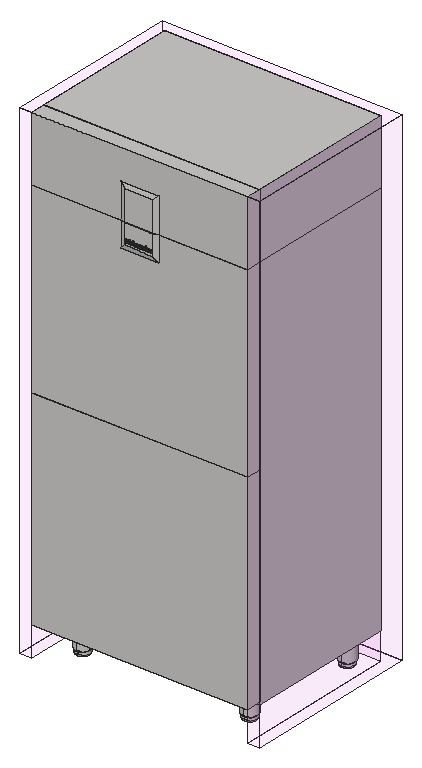
Revit family "QF_ELECTROLUXPROFESSIONAL_691358_PS09F2FHC", category Specialty Equipment, Revit 2018
Family settings
  Round Connector Dimension = Use Diameter
  Part Type = Normal
  Work Plane-Based = No
  Always vertical = Yes
  Cut with Voids When Loaded = No
  Shared = No
  Room Calculation Point = No
Parameters (values of type "Standard")
  Weight = 22.6321 lbm
  Watts = 0 W
  Volts = 220 V
  URL Manufacturer = "http://professional.electrolux.com"
  URL = "http://professional.electrolux.com"
  Steam Supply Size = 0"
  Steam Supply Minimum Pressure = 0.00 psi
  Steam Supply Maximum Pressure = 0.00 psi
  Steam Pounds per Hour = 0
  Show Clearance [instance] = yes
  Refrigeration Suction Line Size = 0"
  Refrigeration Liquid Line Size = 0"
  Refrigerant Compressor Remote = yes
  Phase = 1
  Model = "PS09F2FHC"
  Manufacturer = "Electrolux Professional"
  Length Actual = 900 mm  # constant formula
  Item Number = "691358"
  Hot Water Size = 0"
  Height Actual = 2040 mm  # constant formula
  HP = "0.6 HP"
  Gas Size = 0"
  Gas KW = 0
  Gas Input Pressure = 0.0 Btu/h
  Direct Waste Size = 0"
  Description = "2½-DR FREEZ.720LT,-15/-22°,PROSTORE-R290"
  Depth Actual = 700 mm  # constant formula
  Cycle = 50 Hz
  Condensate Return Size = 0"
  Compressed Air Volume = 0 GPM
  Compressed Air Size = 0"
  Compressed Air Pressure = 0.00 psi
  Cold Water Size = 0"
  Accessory = yes
Types (2, lengths in mm): name | URL | Phase | Model | Manufacturer | Description
  (no name) | "http://professional.electrolux.com/" | 0 | "RBC201" | "Electrolux" | "BLAST CHILLER 56 KG 20 GN1/1"
  Standard | "http://professional.electrolux.com" | 1 | "PS09F2FHC" | "Electrolux Professional" | "2½-DR FREEZ.720LT,-15/-22°,PROSTORE-R290"
Values of the unnamed type that differ from the named types
  Volts = 380 V
  URL Manufacturer = "http://professional.electrolux.com/"
  Item Number = "726624"
Reference planes
  plane 1 "BACK": y = 0
  plane 2: z = 0
  plane 3 "LEFT": x = 0
  plane 4 "RIGHT": x = 900
  plane 5 "FRONT": y = -700
  plane 6 "TOP": z = 2040
  plane 7 "Center Y": x = 450
  plane 8 "Center X": y = -350
  plane 9: x = 102
  plane 10: x = 798
  plane 11: z = 115
  plane 12: z = 86
  plane 13: y = -80
  plane 14: y = -694
  plane 15: y = -1527
  plane 16: y = -630
  plane 17: z = 1770
  plane 18: x = -50
  plane 19: y = 50
  plane 20: x = 950
Forms (mm)
  Extrusion 1, solid, material "QF_Metal - Stainless - Polished"
    sketch origin (0, 0, 0) x (1, 0, 0) y (0, 0, 1)
      loop
        line (0, 2040) -> (0, 1770) -> (900, 1770) -> (900, 2040) -> (0, 2040)
    from 0 to 630
  Extrusion 2, solid, material "QF_Metal - Stainless - Polished"
    sketch origin (0, 0, 0) x (1, 0, 0) y (0, 0, 1)
      loop
        line (0, 1770) -> (0, 115) -> (900, 115) -> (900, 1770) -> (0, 1770)
    from 0 to 630
  Extrusion 3, solid, material "QF_Metal - Stainless - Polished"
    sketch origin (-370, 0, -128) x (1, 0, 0) y (0, 0, 1)
      loop
        circle (450, 1847.083) r 20
    from -7.507 to 0
  Extrusion 4, solid, material "QF_Door-Drawer Clearances", visible <- "Show Clearance", detail levels coarse
    sketch origin (0, 0, 0) x (1, 0, 0) y (0, 1, 0)
      loop
        line (900, -694) -> (0, -694)
        arc (0, -694) -> (275.209, -1299.35) -> (900, -1527) r 859.201
        line (900, -1527) -> (900, -694)
    from 127.536 to 995.399
  Extrusion 5, solid, material "QF_Metal - Stainless - Polished"
    sketch origin (0, 130.478, 0) x (1, 0, 0) y (0, 0, 1)
      loop
        line (0, 2040) -> (0, 1770) -> (900, 1770) -> (900, 2040) -> (0, 2040)
    from 760.478 to 824.478
  Revolve 6, solid, material "QF_Metal - Stainless - Polished"
    sketch origin (798, -2.833, 0) x (0, 1, 0) y (0, 0, -1)
      loop
        line (-590.954, -115) -> (-553.167, -115) -> (-553.167, 0) -> (-578.757, 0)
        arc (-578.757, 0) -> (-580.973, -2.655) -> (-581.767, -6.021) r 7.527
        line (-581.767, -6.021) -> (-581.767, -17.561) -> (-585.28, -21.074) -> (-585.28, -110.008) -> (-590.954, -110.008) -> (-590.954, -115)
      axis (-553.167, 0) -> (-553.167, -115)
    angle from 0 to 360
  Revolve 7, solid, material "QF_Metal - Stainless - Polished"
    sketch origin (102, -2.833, 0) x (0, 1, 0) y (0, 0, 1)
      loop
        line (-590.954, 115) -> (-590.954, 110.008) -> (-585.28, 110.008) -> (-585.28, 21.074) -> (-581.767, 17.561) -> (-581.767, 6.021)
        arc (-581.767, 6.021) -> (-580.973, 2.655) -> (-578.757, 0) r 7.527
        line (-578.757, 0) -> (-553.167, 0) -> (-553.167, 115) -> (-590.954, 115)
      axis (-553.167, 0) -> (-553.167, 115)
    angle from 0 to 360
  Revolve 8, solid, material "QF_Metal - Stainless - Polished"
    sketch origin (824, -759.167, 0) x (0, -1, 0) y (0, 0, 1)
      loop
        line (-716.954, 115) -> (-716.954, 110.008) -> (-711.28, 110.008) -> (-711.28, 21.074) -> (-707.767, 17.561) -> (-707.767, 6.021)
        arc (-707.767, 6.021) -> (-706.973, 2.655) -> (-704.757, 0) r 7.527
        line (-704.757, 0) -> (-679.167, 0) -> (-679.167, 115) -> (-716.954, 115)
      axis (-679.167, 0) -> (-679.167, 115)
    angle from 0 to 360
  Revolve 9, solid, material "QF_Metal - Stainless - Polished"
    sketch origin (76, -759.167, 0) x (0, -1, 0) y (0, 0, 1)
      loop
        line (-716.954, 115) -> (-716.954, 110.008) -> (-711.28, 110.008) -> (-711.28, 21.074) -> (-707.767, 17.561) -> (-707.767, 6.021)
        arc (-707.767, 6.021) -> (-706.973, 2.655) -> (-704.757, 0) r 7.527
        line (-704.757, 0) -> (-679.167, 0) -> (-679.167, 115) -> (-716.954, 115)
      axis (-679.167, 0) -> (-679.167, 115)
    angle from 0 to 360
  Blend 10, solid, material "QF_Metal - Stainless - Polished"
    base sketch origin (0, -694, 0) x (1, 0, 0) y (0, 0, 1)
      loop
        line (370, 1914.822) -> (370, 1664.822) -> (530, 1664.822) -> (530, 1914.822) -> (370, 1914.822)
    top sketch origin (0, -694, 0) x (1, 0, 0) y (0, 0, 1)
      loop
        line (510, 1894.822) -> (390, 1894.822) -> (390, 1684.822) -> (510, 1684.822) -> (510, 1894.822)
    from 0 to 6
  Extrusion 11, void
    sketch origin (0, -700, 0) x (-1, 0, 0) y (0, 0, 1)
      loop
        line (-370, 1770.997) -> (-530, 1770.997) -> (-530, 1769.003) -> (-370, 1769.003) -> (-370, 1770.997)
    from 0 to 6
  Extrusion 12, solid, material "QF_Door-Drawer Clearances"
    sketch origin (0, 0, 0) x (1, 0, 0) y (0, 1, 0)
      loop
        line (0, -694) -> (0, 0) -> (900, 0) -> (900, -694) -> (950, -694) -> (950, 50) -> (-50, 50) -> (-50, -694) -> (0, -694)
    from 0 to 2040
  Extrusion 13, solid, material "QF_Metal - Stainless - Polished"
    sketch origin (0, 140, 0) x (1, 0, 0) y (0, 0, 1)
      loop
        line (0, 1770) -> (0, 995.399) -> (900, 995.399) -> (900, 1770) -> (0, 1770)
    from 834 to 770
  Extrusion 14, solid, material "QF_Metal - Stainless - Polished"
    sketch origin (0, 140, 0) x (1, 0, 0) y (0, 0, 1)
      loop
        line (0, 995.399) -> (0, 127.536) -> (900, 127.536) -> (900, 995.399) -> (0, 995.399)
    from 834 to 770
  Extrusion 15, solid, material "QF_Door-Drawer Clearances", visible <- "Show Clearance", detail levels coarse
    sketch origin (0, 0, 0) x (1, 0, 0) y (0, 1, 0)
      loop
        line (900, -694) -> (0, -694)
        arc (0, -694) -> (275.209, -1299.35) -> (900, -1527) r 859.201
        line (900, -1527) -> (900, -694)
    from 995.399 to 1770
Cuts and joins
  Extrusion 11 cuts Extrusion 1
  Extrusion 11 cuts Extrusion 2
  Extrusion 11 cuts Extrusion 5
  Extrusion 11 cuts Blend 10
Lines and regions (mm)
  Split face 1
    outline origin (0, -700, 0) x (1, 0, 0) y (0, 0, 1)
      loop
        line (415, 1894.822) -> (415, 1742.499) -> (485, 1742.499) -> (485, 1894.822)
  symbolic lines
    curve 1: line (0, 0, 0) -> (900, 0, 0)
    curve 2: line (0, -694, 0) -> (0, 0, 0)
    curve 3: line (900, -694, 0) -> (0, -694, 0)
    curve 4: line (900, 0, 0) -> (900, -694, 0)
    curve 5: line (0, -630, 0) -> (900, -630, 0)
    curve 6: line (370, -694, 0) -> (390, -700, 0)
    curve 7: line (390, -700, 0) -> (510, -700, 0)
    curve 8: line (510, -700, 0) -> (530, -694, 0)
  symbolic lines, style "QF_Door-Drawer Clearances"
    curve 9: arc (0, -694, 0) -> (275.209, -1299.35, 0) -> (900, -1527, 0) r 859.201
    curve 10: line (900, -1527, 0) -> (900, -694, 0)
    curve 11: line (0, -694, 0) -> (-50, -694, 0)
    curve 12: line (-50, -694, 0) -> (-50, 50, 0)
    curve 13: line (-50, 50, 0) -> (950, 50, 0)
    curve 14: line (950, 50, 0) -> (950, -694, 0)
    curve 15: line (950, -694, 0) -> (900, -694, 0)
Dimensions and locks
  equal spacing: plane 3 "LEFT", plane 7 "Center Y", plane 4 "RIGHT"
  plane 3 "LEFT" to plane 4 "RIGHT" = 900 mm
  equal spacing: plane 5 "FRONT", plane 8 "Center X", plane 1 "BACK"
  plane 5 "FRONT" to plane 1 "BACK" = 700 mm
  plane 6 "TOP" to level = 2040 mm
  plane 9 to plane 3 "LEFT" = 102 mm
  plane 10 to plane 4 "RIGHT" = 102 mm
  plane 10 to plane 9 = 696 mm
  plane 11 to level = 115 mm
  plane 12 to plane 11 = 29 mm
  plane 1 "BACK" to plane 13 = 80 mm
  plane 15 to plane 1 "BACK" = 1527 mm
  plane 3 "LEFT" to Extrusion 4 = 900 mm
  plane 11 to plane 2 = 115 mm
  plane 1 "BACK" to plane 16 = 630 mm
  plane 18 to plane 3 "LEFT" = 50 mm
  plane 4 "RIGHT" to plane 20 = 50 mm
  plane 1 "BACK" to plane 19 = 50 mm
  aligned and locked: level to plane 2
  aligned and locked: Extrusion 5 to plane 4 "RIGHT"
  aligned and locked: Extrusion 5 to plane 3 "LEFT"
  aligned and locked: plane 5 "FRONT" to Blend 10
Automatic sketch dimensions
  Extrusion 1 sketch curve to plane 3 "LEFT" = 0 mm
  plane 4 "RIGHT" to Extrusion 1 sketch curve = 0 mm
  Extrusion 1 sketch curve to plane 17 = 0 mm
  Extrusion 1 sketch curve to plane 6 "TOP" = 0 mm
  Extrusion 2 sketch curve to plane 3 "LEFT" = 0 mm
  plane 4 "RIGHT" to Extrusion 2 sketch curve = 0 mm
  Extrusion 2 sketch curve to plane 11 = 0 mm
  Extrusion 2 sketch curve to plane 17 = 0 mm
  Extrusion 3 sketch curve to plane 9 = 22 mm
  Extrusion 3 sketch curve to plane 17 = 50.917 mm
  Extrusion 4 sketch curve to plane 3 "LEFT" = 0 mm
  Extrusion 4 sketch curve to plane 4 "RIGHT" = 0 mm
  Extrusion 4 sketch curve to plane 15 = 0 mm
  plane 14 to Extrusion 4 sketch curve = 0 mm
  Extrusion 4 sketch curve to plane 14 = 25.214 mm
  Extrusion 5 sketch curve to plane 3 "LEFT" = 0 mm
  plane 4 "RIGHT" to Extrusion 5 sketch curve = 0 mm
  Extrusion 5 sketch curve to plane 17 = 0 mm
  Extrusion 5 sketch curve to plane 6 "TOP" = 0 mm
  plane 11 to Revolve 6 sketch curve = 0 mm
  Revolve 6 sketch curve to level = 0 mm
  plane 16 to Revolve 6 sketch curve = 36.213 mm
  Revolve 6 sketch curve to Revolve 6 sketch curve = 5.674 mm
  Revolve 6 sketch curve to Revolve 6 sketch curve = 3.513 mm  (x2)
  Revolve 6 sketch curve to Revolve 6 sketch curve = 3.01 mm
  level to Revolve 6 sketch curve = 6.021 mm
  Revolve 6 sketch curve to Revolve 6 sketch curve = 21.073 mm
  Revolve 6 sketch curve to plane 11 = 4.992 mm  (x2)
  Revolve 6 sketch curve to Revolve 6 sketch curve = 15.053 mm
  Revolve 6 sketch curve to Revolve 6 sketch curve = 0 mm
  Revolve 6 sketch curve to Revolve 6 sketch curve = 20.008 mm
  Revolve 7 sketch curve to plane 11 = 0 mm
  Revolve 7 sketch curve to level = 0 mm
  plane 16 to Revolve 7 sketch curve = 36.213 mm
  Revolve 7 sketch curve to Revolve 7 sketch curve = 5.674 mm
  Revolve 7 sketch curve to Revolve 7 sketch curve = 3.513 mm  (x2)
  Revolve 7 sketch curve to Revolve 7 sketch curve = 3.01 mm
  level to Revolve 7 sketch curve = 6.021 mm
  Revolve 7 sketch curve to Revolve 7 sketch curve = 21.073 mm
  Revolve 7 sketch curve to Revolve 7 sketch curve = 11.54 mm
  Revolve 7 sketch curve to plane 11 = 4.992 mm
  Revolve 7 sketch curve to Revolve 7 sketch curve = 0 mm
  Revolve 7 sketch curve to Revolve 7 sketch curve = 4.992 mm
  plane 11 to Revolve 7 sketch curve = 20.008 mm
  Revolve 8 sketch curve to plane 11 = 0 mm
  Revolve 8 sketch curve to level = 0 mm
  Revolve 8 sketch curve to plane 13 = 0 mm  (x2)
  level to Revolve 8 sketch curve = 6.021 mm
  Revolve 8 sketch curve to plane 13 = 21.073 mm
  Revolve 8 sketch curve to Revolve 8 sketch curve = 4.517 mm
  Revolve 8 sketch curve to Revolve 8 sketch curve = 3.513 mm  (x2)
  Revolve 8 sketch curve to Revolve 8 sketch curve = 5.674 mm
  Revolve 8 sketch curve to Revolve 8 sketch curve = 11.54 mm
  Revolve 8 sketch curve to plane 11 = 4.992 mm
  Revolve 8 sketch curve to Revolve 8 sketch curve = 4.992 mm
  plane 11 to Revolve 8 sketch curve = 20.008 mm
  Revolve 9 sketch curve to plane 11 = 0 mm
  Revolve 9 sketch curve to level = 0 mm
  Revolve 9 sketch curve to plane 13 = 0 mm  (x2)
  Revolve 9 sketch curve to level = 6.021 mm
  plane 13 to Revolve 9 sketch curve = 21.073 mm
  Revolve 9 sketch curve to Revolve 9 sketch curve = 4.517 mm
  Revolve 9 sketch curve to Revolve 9 sketch curve = 3.513 mm  (x2)
  Revolve 9 sketch curve to Revolve 9 sketch curve = 5.674 mm
  Revolve 9 sketch curve to Revolve 9 sketch curve = 11.54 mm
  plane 11 to Revolve 9 sketch curve = 4.992 mm  (x2)
  Revolve 9 sketch curve to Revolve 9 sketch curve = 20.008 mm
  Blend 10 sketch curve to Blend 10 sketch curve = 160 mm
  Blend 10 sketch curve to Blend 10 sketch curve = 120 mm
  Split face 1 sketch curve to Blend 10 = 0 mm  (x2)
  Split face 1 sketch curve to Blend 10 = 25 mm  (x2)
  Split face 1 sketch curve to Blend 10 = 57.677 mm
  Extrusion 11 sketch curve to Blend 10 = 20 mm  (x2)
  Blend 10 to Extrusion 11 sketch curve = 84.181 mm
  Extrusion 11 sketch curve to Extrusion 11 sketch curve = 1.995 mm
  Extrusion 12 sketch curve to plane 18 = 0 mm
  plane 1 "BACK" to Extrusion 12 sketch curve = 0 mm
  Extrusion 12 sketch curve to plane 3 "LEFT" = 0 mm
  Extrusion 12 sketch curve to plane 4 "RIGHT" = 0 mm
  Extrusion 12 sketch curve to plane 19 = 0 mm
  Extrusion 12 sketch curve to plane 20 = 0 mm
  plane 14 to Extrusion 12 sketch curve = 0 mm  (x2)
  curve 13 to plane 18 = 0 mm
  curve 3 to plane 3 "LEFT" = 0 mm
  plane 5 "FRONT" to curve 7 = 0 mm
  curve 9 to plane 4 "RIGHT" = 0 mm
  curve 15 to plane 4 "RIGHT" = 0 mm
  plane 14 to curve 14 = 0 mm
  curve 14 to plane 20 = 0 mm
  curve 10 to plane 15 = 0 mm
  curve 5 to plane 16 = 0 mm
  plane 1 "BACK" to curve 4 = 0 mm
  curve 13 to plane 19 = 0 mm
  curve 7 to plane 7 "Center Y" = 60 mm
  plane 7 "Center Y" to curve 8 = 60 mm
  curve 9 to plane 14 = 25.214 mm
  curve 6 to curve 6 = 20 mm
  curve 7 to curve 8 = 20 mm
  Blend 10 sketch curve to plane 7 "Center Y" = 80 mm
  Blend 10 sketch curve to plane 17 = 105.178 mm
  Blend 10 sketch curve to plane 6 "TOP" = 125.178 mm
  Blend 10 sketch curve to plane 7 "Center Y" = 60 mm
  Blend 10 sketch curve to plane 17 = 85.178 mm
  plane 17 to Blend 10 sketch curve = 124.822 mm
  Extrusion 13 sketch curve to plane 3 "LEFT" = 0 mm
  Extrusion 13 sketch curve to plane 17 = 0 mm
  plane 7 "Center Y" to Extrusion 13 sketch curve = 450 mm
  Extrusion 13 sketch curve to Extrusion 13 sketch curve = 774.601 mm
  Extrusion 14 sketch curve to plane 3 "LEFT" = 0 mm
  plane 11 to Extrusion 14 sketch curve = 12.536 mm
  plane 7 "Center Y" to Extrusion 14 sketch curve = 450 mm
  Extrusion 14 sketch curve to plane 17 = 774.601 mm
  Extrusion 15 sketch curve to plane 3 "LEFT" = 0 mm
  Extrusion 15 sketch curve to plane 4 "RIGHT" = 0 mm
  Extrusion 15 sketch curve to plane 15 = 0 mm
  plane 14 to Extrusion 15 sketch curve = 0 mm
  Extrusion 15 sketch curve to plane 14 = 25.214 mm
  radius of Extrusion 3 sketch curve = 20 mm
Nested families
  nested 1: "ELX_Logo_S" at (450.625, -700, 1704.375) x (1, 0, 0) z (0, -1, 0), type "ELX_Logo_S"
Connectors
  electrical at (80, 7.507, 1719.083), driven by "Volts"
    settings: on Extrusion 3, index 2, voltage 220 V, apparent load 0 VA, apparent load phase1 0 VA, apparent load phase2 0 VA, apparent load phase3 0 VA, power factor 1, load classification "Other", number of poles 1, system type 30, power factor state 1, is connector primary yes, connector utility no, sub classification motor no, connector description "Electrical Connection"
Definition of nested family "ELX_Logo_S"
  Parameters (values of type "ELX_Logo_S")
    Default Elevation = 0 mm
  Reference planes
    plane 1 "Centro (Fronte/Retro)": y = 0
    plane 2: z = 0
    plane 3 "Centro (Sinistra/Destra)": x = 0
  Forms (mm)
    Extrusion 1, solid
      sketch origin (0, 0, 0) x (1, 0, 0) y (0, 1, 0)
        loop
          line (-1219.2, 1219.2) -> (-1219.2, -1219.2) -> (1219.2, -1219.2) -> (1219.2, 1219.2) -> (-1219.2, 1219.2)
      from 0 to -304.8
    Extrusion 2, solid
      sketch origin (0, 0, 0) x (1, 0, 0) y (0, 1, 0)
        loop
          line (-43.793, 5.912) -> (-43.793, -6.455)
          arc (-43.793, -6.455) -> (-39.222, -0.272) -> (-43.793, 5.912) r 6.467
        loop
          arc (-44.422, 5.912) -> (-49.565, 4.743) -> (-52.043, 0.087) r 6.338
          line (-52.043, 0.087) -> (-49.997, 0.087)
          arc (-49.997, 0.087) -> (-46.342, 1.57) -> (-44.422, 5.016) r 5.941
          line (-44.422, 5.016) -> (-44.422, 5.912)
        loop
          arc (-44.422, -5.559) -> (-46.342, -2.114) -> (-49.997, -0.63) r 5.941
          line (-49.997, -0.63) -> (-52.043, -0.63)
          arc (-52.043, -0.63) -> (-49.569, -5.324) -> (-44.422, -6.614) r 6.504
          line (-44.422, -6.614) -> (-44.422, -5.559)
        loop
          line (-52.512, 6.586) -> (-52.512, -7.158) -> (-38.749, -7.158) -> (-38.749, 6.586) -> (-52.512, 6.586)
        loop
          arc (-35.782, 6.67) -> (-36.139, 6.322) -> (-35.801, 5.955) r 0.358
          arc (-35.801, 5.955) -> (-35.051, 5.641) -> (-34.666, 4.924) r 1.216
          line (-34.666, 4.924) -> (-34.666, -5.488)
          arc (-34.666, -5.488) -> (-34.944, -6.148) -> (-35.54, -6.544) r 1.238
          arc (-35.54, -6.544) -> (-35.791, -6.939) -> (-35.437, -7.244) r 0.358
          line (-35.437, -7.244) -> (-25.558, -7.244) -> (-25.558, -4.494) -> (-26.455, -4.494)
          arc (-26.455, -4.494) -> (-27.035, -5.403) -> (-28.012, -5.858) r 1.928
          line (-28.012, -5.858) -> (-30.511, -5.858)
          arc (-30.511, -5.858) -> (-31.24, -5.583) -> (-31.604, -4.894) r 1.101
          line (-31.604, -4.894) -> (-31.604, -0.808) -> (-27.931, -0.808)
          arc (-27.931, -0.808) -> (-27.434, -1.16) -> (-27.206, -1.725) r 1.083
          arc (-27.206, -1.725) -> (-26.9, -1.989) -> (-26.622, -1.697) r 0.292
          line (-26.622, -1.697) -> (-26.622, 1.265)
          arc (-26.622, 1.265) -> (-26.895, 1.568) -> (-27.225, 1.329) r 0.305
          arc (-27.225, 1.329) -> (-27.473, 0.839) -> (-27.931, 0.534) r 1.083
          line (-27.931, 0.534) -> (-31.604, 0.534) -> (-31.604, 5.211) -> (-27.857, 5.211)
          arc (-27.857, 5.211) -> (-27.101, 4.997) -> (-26.603, 4.39) r 1.314
          arc (-26.603, 4.39) -> (-26.199, 4.171) -> (-25.907, 4.526) r 0.361
          line (-25.907, 4.526) -> (-25.907, 6.67) -> (-35.782, 6.67)
        loop
          arc (-25.126, 5.953) -> (-24.207, 5.572) -> (-23.827, 4.654) r 1.299
          line (-23.827, 4.654) -> (-23.827, -4.925)
          arc (-23.827, -4.925) -> (-24.205, -5.763) -> (-25.083, -6.035) r 1.118
          line (-25.083, -6.035) -> (-25.083, -7.244) -> (-19.733, -7.244) -> (-19.733, -6.056)
          arc (-19.733, -6.056) -> (-20.65, -5.784) -> (-21.046, -4.914) r 1.153
          line (-21.046, -4.914) -> (-21.046, 7.158) -> (-25.126, 5.953)
        loop
          line (-17.097, -2.28) -> (-10.65, -2.28) -> (-10.65, -1.481)
          arc (-10.65, -1.481) -> (-11.634, 1.1) -> (-14.088, 2.369) r 3.874
          line (-14.088, 2.369) -> (-15.848, 2.369)
          arc (-15.848, 2.369) -> (-18.713, 1.182) -> (-19.899, -1.682) r 4.051
          line (-19.899, -1.682) -> (-19.899, -3.691)
          arc (-19.899, -3.691) -> (-18.414, -6.509) -> (-15.407, -7.561) r 4.352
          arc (-15.407, -7.561) -> (-12.944, -7.196) -> (-10.87, -5.819) r 5.713
          line (-10.87, -5.819) -> (-10.87, -4.87)
          arc (-10.87, -4.87) -> (-12.439, -5.603) -> (-14.157, -5.819) r 5.579
          arc (-14.157, -5.819) -> (-16.12, -5.025) -> (-17.097, -3.146) r 3.057
          line (-17.097, -3.146) -> (-17.097, -2.28)
        loop
          line (-17.097, -1.02) -> (-13.515, -1.02)
          arc (-13.515, -1.02) -> (-13.468, 0.436) -> (-14.627, 1.319) r 1.59
          line (-14.627, 1.319) -> (-15.457, 1.319)
          arc (-15.457, 1.319) -> (-16.712, 0.455) -> (-17.097, -1.02) r 2.184
        loop
          arc (-1.232, 1.771) -> (-2.906, 2.259) -> (-4.643, 2.417) r 9.023
          line (-4.643, 2.417) -> (-6.005, 2.417)
          arc (-6.005, 2.417) -> (-8.805, 1.257) -> (-9.965, -1.542) r 3.959
          line (-9.965, -1.542) -> (-9.965, -4.142)
          arc (-9.965, -4.142) -> (-8.672, -6.424) -> (-6.299, -7.541) r 4.331
          line (-6.299, -7.541) -> (-4.164, -7.541)
          arc (-4.164, -7.541) -> (-2.614, -7.033) -> (-1.268, -6.112) r 5.772
          arc (-1.268, -6.112) -> (-1.217, -5.35) -> (-1.976, -5.263) r 0.553
          arc (-1.976, -5.263) -> (-2.71, -5.651) -> (-3.529, -5.785) r 2.573
          line (-3.529, -5.785) -> (-5.044, -5.785)
          arc (-5.044, -5.785) -> (-6.686, -4.779) -> (-7.328, -2.965) r 2.884
          line (-7.328, -2.965) -> (-7.328, -1.686)
          arc (-7.328, -1.686) -> (-6.768, 0.135) -> (-5.103, 1.062) r 2.554
          line (-5.103, 1.062) -> (-4.05, 1.062)
          arc (-4.05, 1.062) -> (-3.122, 0.73) -> (-2.387, 0.073) r 2.564
          arc (-2.387, 0.073) -> (-1.67, -0.148) -> (-1.232, 0.461) r 0.643
          line (-1.232, 0.461) -> (-1.232, 1.771)
        loop
          line (-0.962, 0.752) -> (0.539, 0.752) -> (0.539, -5.296)
          arc (0.539, -5.296) -> (1.197, -6.884) -> (2.785, -7.541) r 2.246
          line (2.785, -7.541) -> (4.369, -7.541)
          arc (4.369, -7.541) -> (5.233, -7.228) -> (6.005, -6.727) r 4.06
          arc (6.005, -6.727) -> (6.138, -5.995) -> (5.437, -5.743) r 0.576
          arc (5.437, -5.743) -> (4.911, -5.849) -> (4.379, -5.785) r 1.69
          arc (4.379, -5.785) -> (3.591, -5.244) -> (3.288, -4.337) r 1.506
          line (3.288, -4.337) -> (3.288, 0.801) -> (5.685, 0.801) -> (6.241, 1.357) -> (6.241, 2.179) -> (3.382, 2.179) -> (3.382, 5.41) -> (-0.962, 0.752)
        loop
          line (7.139, -7.324) -> (12.526, -7.324) -> (12.526, -6.214)
          arc (12.526, -6.214) -> (11.575, -5.82) -> (11.181, -4.869) r 1.345
          line (11.181, -4.869) -> (11.181, -1.253)
          arc (11.181, -1.253) -> (11.773, -0.488) -> (12.695, -0.199) r 1.615
          line (12.695, -0.199) -> (14.251, -0.199) -> (14.936, 2.357) -> (13.553, 2.357) -> (10.994, 0.414) -> (10.994, 2.295) -> (8.288, 2.01)
          arc (8.288, 2.01) -> (7.758, 1.571) -> (7.959, 0.912) r 0.621
          arc (7.959, 0.912) -> (8.301, 0.512) -> (8.484, 0.018) r 1.501
          line (8.484, 0.018) -> (8.484, -4.869)
          arc (8.484, -4.869) -> (8.09, -5.82) -> (7.139, -6.214) r 1.345
          line (7.139, -6.214) -> (7.139, -7.324)
        loop
          line (14.473, -1.222) -> (14.473, -3.914)
          arc (14.473, -3.914) -> (15.781, -6.36) -> (18.311, -7.494) r 4.288
          arc (18.311, -7.494) -> (19.692, -7.557) -> (21.072, -7.494) r 15.022
          arc (21.072, -7.494) -> (23.603, -6.36) -> (24.91, -3.914) r 4.288
          line (24.91, -3.914) -> (24.91, -1.222)
          arc (24.91, -1.222) -> (23.603, 1.223) -> (21.072, 2.357) r 4.288
          arc (21.072, 2.357) -> (19.692, 2.421) -> (18.311, 2.357) r 15.022
          arc (18.311, 2.357) -> (15.781, 1.223) -> (14.473, -1.222) r 4.288
        loop
          line (17.587, -1.017) -> (17.587, -4.119)
          arc (17.587, -4.119) -> (19.744, -6.276) -> (21.901, -4.119) r 2.157
          line (21.901, -4.119) -> (21.901, -1.017)
          arc (21.901, -1.017) -> (19.744, 1.14) -> (17.587, -1.017) r 2.157
        loop
          arc (24.768, 5.964) -> (25.662, 5.593) -> (26.033, 4.699) r 1.264
          line (26.033, 4.699) -> (26.033, -5.165)
          arc (26.033, -5.165) -> (25.636, -6.035) -> (24.72, -6.307) r 1.153
          line (24.72, -6.307) -> (24.72, -7.244) -> (29.828, -7.244) -> (29.828, -6.316)
          arc (29.828, -6.316) -> (29.056, -5.957) -> (28.741, -5.165) r 1.153
          line (28.741, -5.165) -> (28.741, 7.158) -> (24.768, 5.964)
        loop
          arc (29.365, 1.084) -> (30.43, 0.885) -> (30.912, -0.085) r 1.215
          line (30.912, -0.085) -> (30.912, -5.105)
          arc (30.912, -5.105) -> (31.559, -6.719) -> (33.142, -7.44) r 2.338
          line (33.142, -7.44) -> (34.657, -7.44)
          arc (34.657, -7.44) -> (35.661, -7.266) -> (36.547, -6.763) r 2.979
          line (36.547, -6.763) -> (38.344, -7.244) -> (40.032, -7.244) -> (40.032, 2.181) -> (35.829, 1.887) -> (35.829, 1.101)
          arc (35.829, 1.101) -> (36.665, 0.745) -> (37.174, -0.007) r 1.605
          line (37.174, -0.007) -> (37.174, -5.11)
          arc (37.174, -5.11) -> (36.237, -5.531) -> (35.213, -5.603) r 2.94
          arc (35.213, -5.603) -> (34.112, -5.042) -> (33.669, -3.889) r 1.724
          line (33.669, -3.889) -> (33.669, 2.307) -> (29.365, 1.084)
        loop
          line (40.886, 2.112) -> (42.932, 0.44) -> (45.238, -2.734) -> (42.126, -6.191)
          arc (42.126, -6.191) -> (41.732, -6.428) -> (41.273, -6.405) r 0.789
          line (41.273, -6.405) -> (41.273, -7.244) -> (44.818, -7.244) -> (44.818, -6.418)
          arc (44.818, -6.418) -> (44.456, -6.076) -> (44.548, -5.586) r 0.52
          line (44.548, -5.586) -> (46.019, -3.786) -> (47.394, -5.904)
          arc (47.394, -5.904) -> (47.084, -6.305) -> (46.585, -6.392) r 0.7
          line (46.585, -6.392) -> (46.585, -7.244) -> (52.512, -7.244) -> (52.512, -6.358)
          arc (52.512, -6.358) -> (51.853, -6.291) -> (51.322, -5.896) r 1.247
          line (51.322, -5.896) -> (48.041, -1.696) -> (50.094, 0.751) -> (51.836, 2.112) -> (48.112, 2.112) -> (48.535, 0.627) -> (47.258, -0.895) -> (46.068, 0.806) -> (46.844, 2.112) -> (40.886, 2.112)
      from 0 to 1.644
  Dimensions and locks
    aligned and locked: plane 2 to Extrusion 1
    aligned and locked: level to Extrusion 1
